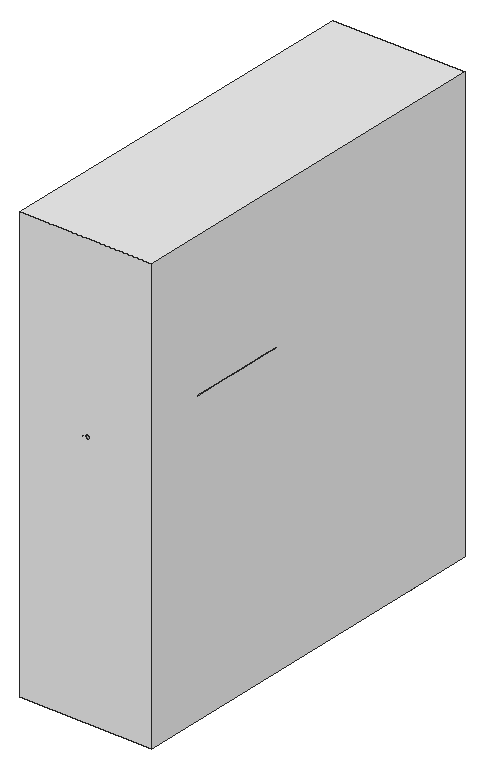
Revit family "KR1165551_Grifería Lavamanos Monocontrol Koral media Niquel", category Generic Models, Revit 2019
Family settings
  Can host rebar = No
  Round Connector Dimension = Use Diameter
  Part Type = Normal
  Work Plane-Based = No
  Always vertical = Yes
  Cut with Voids When Loaded = No
  Shared = No
  Room Calculation Point = No
Parameters
  Vida útil del cartucho o unidad de cierre = "500.000 ciclos"  # constant formula
  Uso = "Doméstico"  # constant formula
  URL = "https://corona.co/productos/griferias/griferia-para-lavamanos-koral/p/KR1165551"
  Temperatura mínima de trabajo = "5˚C / 41˚F"  # constant formula
  Temperatura máxima de trabajo = "66˚C / 150,8˚F"  # constant formula
  Resistente = "Corrosión, pelado y decoloración por agua"  # constant formula
  Resistencia de la manija al torque = "5,20 N.m."  # constant formula
  Recubrimientos = "No tóxicos"  # constant formula
  Presión de trabajo mínimo recomendado = "20 psi (140 Kpa)"  # constant formula
  Presión de trabajo máximo recomendado = "125 psi (860 Kpa)"  # constant formula
  Peso neto = "760 g - 1,67 lb"  # constant formula
  Material = Corona_Metal
  Fácil limpieza = "Diseño que evita la acumulación de impurezas"  # constant formula
  Fecha de creación = "5/10/2020"  # constant formula
  Dimensiones generales del producto = "(H x W x L): 330 x 155 x 75 mm\r\n(H x W x L): 13 x 6,10 x 2,95 pulg"  # constant formula
  Description = "La línea de griferías Koral son la mejor opción para tu lavamanos, gracias a su tecnología EcoStream te garantizará ahorro de agua en cada uso y te permitirá mezclar el agua fría y caliente con una sola manija. ¡Cómprala ahora!"  # constant formula
  Creado por = "IDD"  # constant formula
  Con recubrimiento en PVD (deposición de vapor) = "Con targets de zirconio que garantizan una gran resistencia a la corrosion"  # constant formula
  Con Tecnología Ecostream = "ahorro de agua, consumo máximo de 5,7 litros por minuto"  # constant formula
  Capacidad de flujo estimada real a 60 psi = "5,7 L/min"  # constant formula
  Acabado = Corona_Niquel
Reference planes
  plane 1 "Center (Front/Back)": y = 0
  plane 2: z = 0
  plane 3 "Center (Left/Right)": x = 0
Forms (mm)
  Sweep 1, solid, material "Corona_Niquel", detail levels medium+fine
    path origin (0, 0, 0) x (0, 1, 0) y (0, 0, 1)
      loop
        line (0, 5.954) -> (0, 70.954)
        arc (0, 70.954) -> (-17.02, 112.045) -> (-58.111, 129.065) r 58.111
        line (-58.111, 129.065) -> (-153.111, 129.065)
    profile origin (0, 0, 38.454) x (0, -1, 0) y (1, 0, 0)
      loop
        circle (0, 0) r 21.953
  Extrusion 2, void
    sketch origin (0, 0, -0.156) x (0, 1, 0) y (0, 0, 1)
      loop
        line (-162.611, 132.548) -> (29.596, 132.548) -> (29.596, 152.548) -> (-162.611, 152.548) -> (-162.611, 132.548)
    from -22.557 to 30.192
  Revolve 3, solid, material "Corona_Niquel", detail levels medium+fine
    sketch origin (0, 0, 0) x (0, 1, 0) y (0, 0, 1)
      loop
        line (0, 5.954) -> (21.986, 5.954) -> (21.986, 131.95)
        arc (21.986, 131.95) -> (21.811, 132.373) -> (21.389, 132.548) r 0.597
        line (21.389, 132.548) -> (20.456, 132.548) -> (20.456, 134.465)
        arc (20.456, 134.465) -> (20.365, 135.055) -> (20.101, 135.59) r 1.962
        line (20.101, 135.59) -> (19.608, 136.293) -> (17.368, 136.293)
        arc (17.368, 136.293) -> (8.684, 142.163) -> (0, 136.293) r 9.359
        line (0, 136.293) -> (0, 5.954)
      axis (0, 5.954) -> (0, 136.293)
    angle from 0 to 360
  Revolve 4, solid, material "Corona_Niquel", detail levels medium+fine
    sketch origin (0, 0, 0) x (0, 1, 0) y (0, 0, 1)
      loop
        line (0, 5.954) -> (0, 0) -> (28, 0) -> (28, 5.954) -> (0, 5.954)
      axis (0, 5.954) -> (0, 0)
    angle from 0 to 360
  Extrusion 5, void
    sketch origin (0, 0, 0) x (0, 1, 0) y (0, 0, 1)
      loop
        line (-149.496, 131.069) -> (-149.496, 156.069) -> (-162.611, 156.069) -> (-162.611, 96.069) -> (-35.061, 98.626)
        spline (-35.061, 98.626) -> (-39.051, 102.231) -> (-43.685, 105.346) -> (-48.962, 107.971) -> (-54.882, 110.105) -> (-61.445, 111.749) -> (-68.652, 112.902) -> (-76.502, 113.565) -> (-84.995, 113.738) -> (-94.132, 113.42) -> (-103.911, 112.612) -> (-114.334, 111.314) -> (-125.401, 109.525)
        arc (-125.401, 109.525) -> (-142.267, 114.908) -> (-149.496, 131.069) r 21.68
    from -37.421 to 53.271
  Revolve 6, solid, material "Corona_Niquel", detail levels medium+fine
    sketch origin (0, 11.719, -0.312) x (0, 1, 0) y (0, 0, 1)
      loop
        arc (-148.993, 108.783) -> (-148.492, 108.823) -> (-148.165, 109.206) r 0.657
        line (-148.165, 109.206) -> (-147.406, 111.543) -> (-138.048, 108.502) -> (-134.958, 118.013) -> (-147.347, 122.038) -> (-150.919, 111.048)
        arc (-150.919, 111.048) -> (-150.825, 109.859) -> (-149.918, 109.084) r 1.559
        line (-149.918, 109.084) -> (-148.993, 108.783)
      axis (-134.958, 118.013) -> (-139.011, 105.54)
    angle from 0 to 360
  Revolve 7, solid, material "Corona_Niquel", detail levels medium+fine
    sketch origin (0, -62.472, -118.308) x (0, 1, 0) y (0, 0, 1)
      loop
        line (62.472, 291.281) -> (62.472, 255.305) -> (79.867, 255.305) -> (79.867, 258.156) -> (83.867, 258.156) -> (83.867, 291.281) -> (62.472, 291.281)
      axis (62.472, 291.281) -> (62.472, 255.305)
    angle from 0 to 360
  Extrusion 8, void
    sketch origin (0, -62.472, -118.308) x (0, 1, 0) y (0, 0, 1)
      loop
        line (40.077, 283.483) -> (94.83, 267.783) -> (94.83, 299.008) -> (40.077, 299.008) -> (40.077, 283.483)
    from -33.454 to 47.252
  Extrusion 9, solid, material "Corona_Niquel", detail levels medium+fine
    sketch origin (0, -227.18, -30.359) x (1, 0, 0) y (0, 0.961089, -0.27624)
      loop
        line (-22.496, 167.304) -> (-22.496, 101.665)
        arc (-22.496, 101.665) -> (-0.048, 79.217) -> (22.4, 101.665) r 22.448
        line (22.4, 101.665) -> (22.4, 169.422)
        arc (22.4, 169.422) -> (15.209, 184.288) -> (0, 190.723) r 23.438
        arc (0, 190.723) -> (-15.961, 183.541) -> (-22.496, 167.304) r 23.438
    from 240.286 to 247.874
  Extrusion 10, void
    sketch origin (0, -62.472, -118.308) x (1, 0, 0) y (0, 1, 0)
      loop
        line (34.592, -30.417) -> (34.592, 92.472) -> (-34.075, 92.472) -> (-34.075, -25.264) -> (-21.395, -25.264) -> (-21.395, 62.472)
        arc (-21.395, 62.472) -> (-15.129, 77.601) -> (0, 83.867) r 21.395
        arc (0, 83.867) -> (15.129, 77.601) -> (21.395, 62.472) r 21.395
        line (21.395, 62.472) -> (21.395, -30.417) -> (34.592, -30.417)
    from 258.156 to 327.63
  Extrusion 11, void
    sketch origin (0, -228.568, 187.637) x (1, 0, 0) y (0, 0.961089, -0.27624)
      loop
        arc (-16.246, 163.259) -> (-0.048, 147.061) -> (16.15, 163.259) r 16.198
        line (16.15, 163.259) -> (16.15, 183.008)
        arc (16.15, 183.008) -> (-0.048, 199.206) -> (-16.246, 183.008) r 16.198
        line (-16.246, 183.008) -> (-16.246, 163.259)
    from 23.025 to 51.23
  Extrusion 12, void
    sketch origin (0.157, -204.336, -118.257) x (1, 0, 0) y (0, 1, 0)
      loop
        arc (22.612, 88.196) -> (-0.356, 65.227) -> (-23.325, 88.196) r 22.969
        line (-23.325, 88.196) -> (-23.325, 54.39) -> (22.612, 54.39) -> (22.612, 88.196)
    from 215.387 to 255.305
  Extrusion 13, solid, material "Corona_Niquel", detail levels coarse+fine
    sketch origin (0, 0, 0) x (1, 0, 0) y (0, 1, 0)
      loop
        line (-28.605, 28.474) -> (-28.605, -139.19) -> (28.035, -139.19) -> (28.035, 28.474) -> (-28.605, 28.474)
    from 0 to 186.349
Cuts and joins
  Extrusion 2, Extrusion 5, Extrusion 12 cuts Sweep 1
  Extrusion 8, Extrusion 12 cuts Revolve 7
  Extrusion 10, Extrusion 11, Extrusion 12 cuts Extrusion 9
  joined: Revolve 7, Extrusion 9
Dimensions and locks
  aligned and locked: level to plane 2
